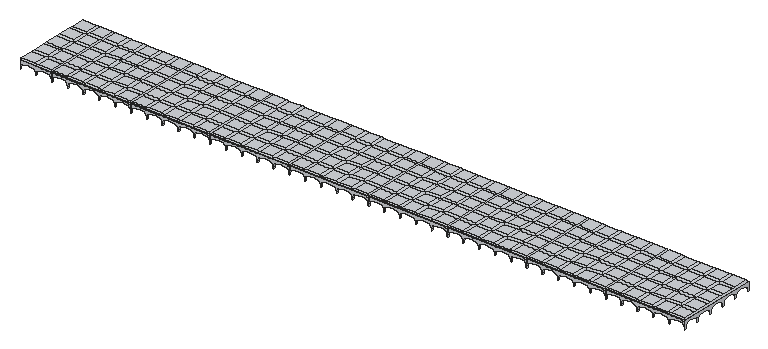
Revit family "LineaSingola_Assieme Modulblock H6", category Modelli generici, Revit 2016 (continued)
Definition of nested family "Minimodulo_H6"
  Definition of nested family "Pianta H6"
    Lines and regions (mm)
      detail lines, in view "Livello rif.", not visible
        curve 924: arc (-224.28, 222.426, 0) -> (-222.426, 222.552, 0) -> (-222.31, 224.407, 0) r 1.408
        curve 925: arc (-237.756, 150, 0) -> (-241.419, 158.652, 0) -> (-250, 162.479, 0) r 12.813
        curve 926: arc (-222.31, 175.662, 0) -> (-222.426, 177.517, 0) -> (-224.28, 177.642, 0) r 1.408
        curve 927: arc (-155.33, 186.821, 0) -> (-152.601, 199.989, 0) -> (-155.3, 213.164, 0) r 33.32
        curve 928: arc (-162.033, 250, 0) -> (-158.656, 241.215, 0) -> (-150, 237.521, 0) r 12.077
        curve 929: arc (-177.716, 224.407, 0) -> (-177.601, 222.552, 0) -> (-175.746, 222.426, 0) r 1.408
        curve 930: arc (-150, 162.479, 0) -> (-158.581, 158.652, 0) -> (-162.244, 150, 0) r 12.813
        curve 931: arc (-175.746, 177.642, 0) -> (-177.601, 177.517, 0) -> (-177.716, 175.662, 0) r 1.408
        curve 932: arc (-113.164, -244.7, 0) -> (-99.99, -247.398, 0) -> (-86.823, -244.669, 0) r 33.32
        curve 933: arc (-86.793, -156.114, 0) -> (-99.94, -153.392, 0) -> (-113.094, -156.08, 0) r 33.32
        curve 934: arc (-143.883, -186.793, 0) -> (-146.606, -199.992, 0) -> (-143.878, -213.19, 0) r 33.32
        curve 935: arc (-137.756, -250, 0) -> (-141.419, -241.348, 0) -> (-150, -237.521, 0) r 12.813
        curve 936: arc (-122.31, -224.407, 0) -> (-122.426, -222.552, 0) -> (-124.28, -222.426, 0) r 1.408
        curve 937: arc (-150, -162.479, 0) -> (-141.419, -158.652, 0) -> (-137.756, -150, 0) r 12.813
        curve 938: arc (-124.28, -177.642, 0) -> (-122.426, -177.517, 0) -> (-122.31, -175.662, 0) r 1.408
        curve 939: arc (-55.3, -213.164, 0) -> (-52.601, -199.989, 0) -> (-55.33, -186.821, 0) r 33.32
        curve 940: arc (-50, -237.521, 0) -> (-58.656, -241.215, 0) -> (-62.033, -250, 0) r 12.077
        curve 941: arc (-75.746, -222.426, 0) -> (-77.601, -222.552, 0) -> (-77.716, -224.407, 0) r 1.408
        curve 942: arc (-62.244, -150, 0) -> (-58.581, -158.652, 0) -> (-50, -162.479, 0) r 12.813
        curve 943: arc (-77.716, -175.662, 0) -> (-77.601, -177.517, 0) -> (-75.746, -177.642, 0) r 1.408
        curve 944: arc (-113.164, -144.7, 0) -> (-99.99, -147.398, 0) -> (-86.823, -144.669, 0) r 33.32
        curve 945: arc (-86.793, -56.114, 0) -> (-99.94, -53.392, 0) -> (-113.094, -56.08, 0) r 33.32
        curve 946: arc (-143.883, -86.793, 0) -> (-146.606, -99.992, 0) -> (-143.878, -113.19, 0) r 33.32
        curve 947: arc (-137.756, -150, 0) -> (-141.419, -141.348, 0) -> (-150, -137.521, 0) r 12.813
        curve 948: arc (-122.31, -124.407, 0) -> (-122.426, -122.552, 0) -> (-124.28, -122.426, 0) r 1.408
        curve 949: arc (-150, -62.479, 0) -> (-141.419, -58.652, 0) -> (-137.756, -50, 0) r 12.813
        curve 950: arc (-124.28, -77.642, 0) -> (-122.426, -77.517, 0) -> (-122.31, -75.662, 0) r 1.408
        curve 951: arc (-55.3, -113.164, 0) -> (-52.601, -99.989, 0) -> (-55.33, -86.821, 0) r 33.32
        curve 952: arc (-50, -137.521, 0) -> (-58.656, -141.215, 0) -> (-62.033, -150, 0) r 12.077
        curve 953: arc (-75.746, -122.426, 0) -> (-77.601, -122.552, 0) -> (-77.716, -124.407, 0) r 1.408
        curve 954: arc (-62.244, -50, 0) -> (-58.581, -58.652, 0) -> (-50, -62.479, 0) r 12.813
        curve 955: arc (-77.716, -75.662, 0) -> (-77.601, -77.517, 0) -> (-75.746, -77.642, 0) r 1.408
        curve 956: arc (-113.164, -44.7, 0) -> (-99.99, -47.398, 0) -> (-86.823, -44.669, 0) r 33.32
        curve 957: arc (-86.793, 43.886, 0) -> (-99.94, 46.608, 0) -> (-113.094, 43.92, 0) r 33.32
        curve 958: arc (-143.883, 13.207, 0) -> (-146.606, 0.008, 0) -> (-143.878, -13.19, 0) r 33.32
        curve 959: arc (-137.756, -50, 0) -> (-141.419, -41.348, 0) -> (-150, -37.521, 0) r 12.813
        curve 960: arc (-122.31, -24.407, 0) -> (-122.426, -22.552, 0) -> (-124.28, -22.426, 0) r 1.408
        curve 961: arc (-150, 37.521, 0) -> (-141.419, 41.348, 0) -> (-137.756, 50, 0) r 12.813
        curve 962: arc (-124.28, 22.358, 0) -> (-122.426, 22.483, 0) -> (-122.31, 24.338, 0) r 1.408
        curve 963: arc (-55.3, -13.164, 0) -> (-52.601, 0.011, 0) -> (-55.33, 13.179, 0) r 33.32
        curve 964: arc (-50, -37.521, 0) -> (-58.656, -41.215, 0) -> (-62.033, -50, 0) r 12.077
        curve 965: arc (-75.746, -22.426, 0) -> (-77.601, -22.552, 0) -> (-77.716, -24.407, 0) r 1.408
        curve 966: arc (-62.244, 50, 0) -> (-58.581, 41.348, 0) -> (-50, 37.521, 0) r 12.813
        curve 967: arc (-77.716, 24.338, 0) -> (-77.601, 22.483, 0) -> (-75.746, 22.358, 0) r 1.408
        curve 968: arc (-113.164, 55.3, 0) -> (-99.99, 52.602, 0) -> (-86.823, 55.331, 0) r 33.32
        curve 969: arc (-86.793, 143.886, 0) -> (-99.94, 146.608, 0) -> (-113.094, 143.92, 0) r 33.32
        curve 970: arc (-143.883, 113.207, 0) -> (-146.606, 100.008, 0) -> (-143.878, 86.81, 0) r 33.32
        curve 971: arc (-137.756, 50, 0) -> (-141.419, 58.652, 0) -> (-150, 62.479, 0) r 12.813
        curve 972: arc (-122.31, 75.593, 0) -> (-122.426, 77.448, 0) -> (-124.28, 77.574, 0) r 1.408
        curve 973: arc (-150, 137.521, 0) -> (-141.419, 141.348, 0) -> (-137.756, 150, 0) r 12.813
        curve 974: arc (-124.28, 122.358, 0) -> (-122.426, 122.483, 0) -> (-122.31, 124.338, 0) r 1.408
        curve 975: arc (-55.3, 86.836, 0) -> (-52.601, 100.011, 0) -> (-55.33, 113.179, 0) r 33.32
        curve 976: arc (-50, 62.479, 0) -> (-58.656, 58.785, 0) -> (-62.033, 50, 0) r 12.077
        curve 977: arc (-75.746, 77.574, 0) -> (-77.601, 77.448, 0) -> (-77.716, 75.593, 0) r 1.408
        curve 978: arc (-62.244, 150, 0) -> (-58.581, 141.348, 0) -> (-50, 137.521, 0) r 12.813
        curve 979: arc (-77.716, 124.338, 0) -> (-77.601, 122.483, 0) -> (-75.746, 122.358, 0) r 1.408
        curve 980: arc (-86.823, 244.669, 0) -> (-99.99, 247.398, 0) -> (-113.164, 244.7, 0) r 33.32
        curve 981: arc (-113.094, 156.08, 0) -> (-99.94, 153.392, 0) -> (-86.793, 156.114, 0) r 33.32
        curve 982: arc (-143.878, 213.19, 0) -> (-146.606, 199.992, 0) -> (-143.883, 186.793, 0) r 33.32
        curve 983: arc (-150, 237.521, 0) -> (-141.419, 241.348, 0) -> (-137.756, 250, 0) r 12.813
        curve 984: arc (-124.28, 222.426, 0) -> (-122.426, 222.552, 0) -> (-122.31, 224.407, 0) r 1.408
        curve 985: arc (-137.756, 150, 0) -> (-141.419, 158.652, 0) -> (-150, 162.479, 0) r 12.813
        curve 986: arc (-122.31, 175.662, 0) -> (-122.426, 177.517, 0) -> (-124.28, 177.642, 0) r 1.408
        curve 987: arc (-55.33, 186.821, 0) -> (-52.601, 199.989, 0) -> (-55.3, 213.164, 0) r 33.32
        curve 988: arc (-62.033, 250, 0) -> (-58.656, 241.215, 0) -> (-50, 237.521, 0) r 12.077
        curve 989: arc (-77.716, 224.407, 0) -> (-77.601, 222.552, 0) -> (-75.746, 222.426, 0) r 1.408
        curve 990: arc (-50, 162.479, 0) -> (-58.581, 158.652, 0) -> (-62.244, 150, 0) r 12.813
        curve 991: arc (-75.746, 177.642, 0) -> (-77.601, 177.517, 0) -> (-77.716, 175.662, 0) r 1.408
        curve 992: arc (-13.164, -244.7, 0) -> (0.01, -247.398, 0) -> (13.177, -244.669, 0) r 33.32
        curve 993: arc (13.207, -156.114, 0) -> (0.06, -153.392, 0) -> (-13.094, -156.08, 0) r 33.32
        curve 994: arc (-43.883, -186.793, 0) -> (-46.606, -199.992, 0) -> (-43.878, -213.19, 0) r 33.32
        curve 995: arc (-37.756, -250, 0) -> (-41.419, -241.348, 0) -> (-50, -237.521, 0) r 12.813
        curve 996: arc (-22.31, -224.407, 0) -> (-22.426, -222.552, 0) -> (-24.28, -222.426, 0) r 1.408
        curve 997: arc (-50, -162.479, 0) -> (-41.419, -158.652, 0) -> (-37.756, -150, 0) r 12.813
        curve 998: arc (-24.28, -177.642, 0) -> (-22.426, -177.517, 0) -> (-22.31, -175.662, 0) r 1.408
        curve 999: arc (44.7, -213.164, 0) -> (47.399, -199.989, 0) -> (44.67, -186.821, 0) r 33.32
        curve 1000: arc (50, -237.521, 0) -> (41.344, -241.215, 0) -> (37.967, -250, 0) r 12.077
        curve 1001: arc (24.254, -222.426, 0) -> (22.399, -222.552, 0) -> (22.284, -224.407, 0) r 1.408
        curve 1002: arc (37.756, -150, 0) -> (41.419, -158.652, 0) -> (50, -162.479, 0) r 12.813
        curve 1003: arc (22.284, -175.662, 0) -> (22.399, -177.517, 0) -> (24.254, -177.642, 0) r 1.408
        curve 1004: arc (-13.164, -144.7, 0) -> (0.01, -147.398, 0) -> (13.177, -144.669, 0) r 33.32
        curve 1005: arc (13.207, -56.114, 0) -> (0.06, -53.392, 0) -> (-13.094, -56.08, 0) r 33.32
        curve 1006: arc (-43.883, -86.793, 0) -> (-46.606, -99.992, 0) -> (-43.878, -113.19, 0) r 33.32
        curve 1007: arc (-37.756, -150, 0) -> (-41.419, -141.348, 0) -> (-50, -137.521, 0) r 12.813
        curve 1008: arc (-22.31, -124.407, 0) -> (-22.426, -122.552, 0) -> (-24.28, -122.426, 0) r 1.408
        curve 1009: arc (-50, -62.479, 0) -> (-41.419, -58.652, 0) -> (-37.756, -50, 0) r 12.813
        curve 1010: arc (-24.28, -77.642, 0) -> (-22.426, -77.517, 0) -> (-22.31, -75.662, 0) r 1.408
        curve 1011: arc (44.7, -113.164, 0) -> (47.399, -99.989, 0) -> (44.67, -86.821, 0) r 33.32
        curve 1012: arc (50, -137.521, 0) -> (41.344, -141.215, 0) -> (37.967, -150, 0) r 12.077
        curve 1013: arc (24.254, -122.426, 0) -> (22.399, -122.552, 0) -> (22.284, -124.407, 0) r 1.408
        curve 1014: arc (37.756, -50, 0) -> (41.419, -58.652, 0) -> (50, -62.479, 0) r 12.813
        curve 1015: arc (22.284, -75.662, 0) -> (22.399, -77.517, 0) -> (24.254, -77.642, 0) r 1.408
        curve 1016: arc (-13.164, -44.7, 0) -> (0.01, -47.398, 0) -> (13.177, -44.669, 0) r 33.32
        curve 1017: arc (13.207, 43.886, 0) -> (0.06, 46.608, 0) -> (-13.094, 43.92, 0) r 33.32
        curve 1018: arc (-43.883, 13.207, 0) -> (-46.606, 0.008, 0) -> (-43.878, -13.19, 0) r 33.32
        curve 1019: arc (-37.756, -50, 0) -> (-41.419, -41.348, 0) -> (-50, -37.521, 0) r 12.813
        curve 1020: arc (-22.31, -24.407, 0) -> (-22.426, -22.552, 0) -> (-24.28, -22.426, 0) r 1.408
        curve 1021: arc (-50, 37.521, 0) -> (-41.419, 41.348, 0) -> (-37.756, 50, 0) r 12.813
        curve 1022: arc (-24.28, 22.358, 0) -> (-22.426, 22.483, 0) -> (-22.31, 24.338, 0) r 1.408
        curve 1023: arc (44.7, -13.164, 0) -> (47.399, 0.011, 0) -> (44.67, 13.179, 0) r 33.32
        curve 1024: arc (50, -37.521, 0) -> (41.344, -41.215, 0) -> (37.967, -50, 0) r 12.077
        curve 1025: arc (24.254, -22.426, 0) -> (22.399, -22.552, 0) -> (22.284, -24.407, 0) r 1.408
        curve 1026: arc (37.756, 50, 0) -> (41.419, 41.348, 0) -> (50, 37.521, 0) r 12.813
        curve 1027: arc (22.284, 24.338, 0) -> (22.399, 22.483, 0) -> (24.254, 22.358, 0) r 1.408
        curve 1028: arc (-13.164, 55.3, 0) -> (0.01, 52.602, 0) -> (13.177, 55.331, 0) r 33.32
        curve 1029: arc (13.207, 143.886, 0) -> (0.06, 146.608, 0) -> (-13.094, 143.92, 0) r 33.32
        curve 1030: arc (-43.883, 113.207, 0) -> (-46.606, 100.008, 0) -> (-43.878, 86.81, 0) r 33.32
        curve 1031: arc (-37.756, 50, 0) -> (-41.419, 58.652, 0) -> (-50, 62.479, 0) r 12.813
        curve 1032: arc (-22.31, 75.593, 0) -> (-22.426, 77.448, 0) -> (-24.28, 77.574, 0) r 1.408
        curve 1033: arc (-50, 137.521, 0) -> (-41.419, 141.348, 0) -> (-37.756, 150, 0) r 12.813
        curve 1034: arc (-24.28, 122.358, 0) -> (-22.426, 122.483, 0) -> (-22.31, 124.338, 0) r 1.408
        curve 1035: arc (44.7, 86.836, 0) -> (47.399, 100.011, 0) -> (44.67, 113.179, 0) r 33.32
        curve 1036: arc (50, 62.479, 0) -> (41.344, 58.785, 0) -> (37.967, 50, 0) r 12.077
        curve 1037: arc (24.254, 77.574, 0) -> (22.399, 77.448, 0) -> (22.284, 75.593, 0) r 1.408
        curve 1038: arc (37.756, 150, 0) -> (41.419, 141.348, 0) -> (50, 137.521, 0) r 12.813
        curve 1039: arc (22.284, 124.338, 0) -> (22.399, 122.483, 0) -> (24.254, 122.358, 0) r 1.408
        curve 1040: arc (13.177, 244.669, 0) -> (0.01, 247.398, 0) -> (-13.164, 244.7, 0) r 33.32
        curve 1041: arc (-13.094, 156.08, 0) -> (0.06, 153.392, 0) -> (13.207, 156.114, 0) r 33.32
        curve 1042: arc (-43.878, 213.19, 0) -> (-46.606, 199.992, 0) -> (-43.883, 186.793, 0) r 33.32
        curve 1043: arc (-50, 237.521, 0) -> (-41.419, 241.348, 0) -> (-37.756, 250, 0) r 12.813
        curve 1044: arc (-24.28, 222.426, 0) -> (-22.426, 222.552, 0) -> (-22.31, 224.407, 0) r 1.408
        curve 1045: arc (-37.756, 150, 0) -> (-41.419, 158.652, 0) -> (-50, 162.479, 0) r 12.813
        curve 1046: arc (-22.31, 175.662, 0) -> (-22.426, 177.517, 0) -> (-24.28, 177.642, 0) r 1.408
        curve 1047: arc (44.67, 186.821, 0) -> (47.399, 199.989, 0) -> (44.7, 213.164, 0) r 33.32
        curve 1048: arc (37.967, 250, 0) -> (41.344, 241.215, 0) -> (50, 237.521, 0) r 12.077
        curve 1049: arc (22.284, 224.407, 0) -> (22.399, 222.552, 0) -> (24.254, 222.426, 0) r 1.408
        curve 1050: arc (50, 162.479, 0) -> (41.419, 158.652, 0) -> (37.756, 150, 0) r 12.813
        curve 1051: arc (24.254, 177.642, 0) -> (22.399, 177.517, 0) -> (22.284, 175.662, 0) r 1.408
        curve 1052: arc (86.836, -244.7, 0) -> (100.01, -247.398, 0) -> (113.177, -244.669, 0) r 33.32
        curve 1053: arc (113.207, -156.114, 0) -> (100.06, -153.392, 0) -> (86.906, -156.08, 0) r 33.32
        curve 1054: arc (56.117, -186.793, 0) -> (53.394, -199.992, 0) -> (56.122, -213.19, 0) r 33.32
        curve 1055: arc (62.244, -250, 0) -> (58.581, -241.348, 0) -> (50, -237.521, 0) r 12.813
        curve 1056: arc (77.69, -224.407, 0) -> (77.574, -222.552, 0) -> (75.72, -222.426, 0) r 1.408
        curve 1057: arc (50, -162.479, 0) -> (58.581, -158.652, 0) -> (62.244, -150, 0) r 12.813
        curve 1058: arc (75.72, -177.642, 0) -> (77.574, -177.517, 0) -> (77.69, -175.662, 0) r 1.408
        curve 1059: arc (144.7, -213.164, 0) -> (147.399, -199.989, 0) -> (144.67, -186.821, 0) r 33.32
        curve 1060: arc (150, -237.521, 0) -> (141.344, -241.215, 0) -> (137.967, -250, 0) r 12.077
        curve 1061: arc (124.254, -222.426, 0) -> (122.399, -222.552, 0) -> (122.284, -224.407, 0) r 1.408
        curve 1062: arc (137.756, -150, 0) -> (141.419, -158.652, 0) -> (150, -162.479, 0) r 12.813
        curve 1063: arc (122.284, -175.662, 0) -> (122.399, -177.517, 0) -> (124.254, -177.642, 0) r 1.408
        curve 1064: arc (86.836, -144.7, 0) -> (100.01, -147.398, 0) -> (113.177, -144.669, 0) r 33.32
        curve 1065: arc (113.207, -56.114, 0) -> (100.06, -53.392, 0) -> (86.906, -56.08, 0) r 33.32
        curve 1066: arc (56.117, -86.793, 0) -> (53.394, -99.992, 0) -> (56.122, -113.19, 0) r 33.32
        curve 1067: arc (62.244, -150, 0) -> (58.581, -141.348, 0) -> (50, -137.521, 0) r 12.813
        curve 1068: arc (77.69, -124.407, 0) -> (77.574, -122.552, 0) -> (75.72, -122.426, 0) r 1.408
        curve 1069: arc (50, -62.479, 0) -> (58.581, -58.652, 0) -> (62.244, -50, 0) r 12.813
        curve 1070: arc (75.72, -77.642, 0) -> (77.574, -77.517, 0) -> (77.69, -75.662, 0) r 1.408
        curve 1071: arc (144.7, -113.164, 0) -> (147.399, -99.989, 0) -> (144.67, -86.821, 0) r 33.32
        curve 1072: arc (150, -137.521, 0) -> (141.344, -141.215, 0) -> (137.967, -150, 0) r 12.077
        curve 1073: arc (124.254, -122.426, 0) -> (122.399, -122.552, 0) -> (122.284, -124.407, 0) r 1.408
        curve 1074: arc (137.756, -50, 0) -> (141.419, -58.652, 0) -> (150, -62.479, 0) r 12.813
        curve 1075: arc (122.284, -75.662, 0) -> (122.399, -77.517, 0) -> (124.254, -77.642, 0) r 1.408
        curve 1076: arc (86.836, -44.7, 0) -> (100.01, -47.398, 0) -> (113.177, -44.669, 0) r 33.32
        curve 1077: arc (113.207, 43.886, 0) -> (100.06, 46.608, 0) -> (86.906, 43.92, 0) r 33.32
        curve 1078: arc (56.117, 13.207, 0) -> (53.394, 0.008, 0) -> (56.122, -13.19, 0) r 33.32
        curve 1079: arc (62.244, -50, 0) -> (58.581, -41.348, 0) -> (50, -37.521, 0) r 12.813
        curve 1080: arc (77.69, -24.407, 0) -> (77.574, -22.552, 0) -> (75.72, -22.426, 0) r 1.408
        curve 1081: arc (50, 37.521, 0) -> (58.581, 41.348, 0) -> (62.244, 50, 0) r 12.813
        curve 1082: arc (75.72, 22.358, 0) -> (77.574, 22.483, 0) -> (77.69, 24.338, 0) r 1.408
        curve 1083: arc (144.7, -13.164, 0) -> (147.399, 0.011, 0) -> (144.67, 13.179, 0) r 33.32
        curve 1084: arc (150, -37.521, 0) -> (141.344, -41.215, 0) -> (137.967, -50, 0) r 12.077
        curve 1085: arc (124.254, -22.426, 0) -> (122.399, -22.552, 0) -> (122.284, -24.407, 0) r 1.408
        curve 1086: arc (137.756, 50, 0) -> (141.419, 41.348, 0) -> (150, 37.521, 0) r 12.813
        curve 1087: arc (122.284, 24.338, 0) -> (122.399, 22.483, 0) -> (124.254, 22.358, 0) r 1.408
        curve 1088: arc (86.836, 55.3, 0) -> (100.01, 52.602, 0) -> (113.177, 55.331, 0) r 33.32
        curve 1089: arc (113.207, 143.886, 0) -> (100.06, 146.608, 0) -> (86.906, 143.92, 0) r 33.32
        curve 1090: arc (56.117, 113.207, 0) -> (53.394, 100.008, 0) -> (56.122, 86.81, 0) r 33.32
        curve 1091: arc (62.244, 50, 0) -> (58.581, 58.652, 0) -> (50, 62.479, 0) r 12.813
        curve 1092: arc (77.69, 75.593, 0) -> (77.574, 77.448, 0) -> (75.72, 77.574, 0) r 1.408
        curve 1093: arc (50, 137.521, 0) -> (58.581, 141.348, 0) -> (62.244, 150, 0) r 12.813
        curve 1094: arc (75.72, 122.358, 0) -> (77.574, 122.483, 0) -> (77.69, 124.338, 0) r 1.408
        curve 1095: arc (144.7, 86.836, 0) -> (147.399, 100.011, 0) -> (144.67, 113.179, 0) r 33.32
        curve 1096: arc (150, 62.479, 0) -> (141.344, 58.785, 0) -> (137.967, 50, 0) r 12.077
        curve 1097: arc (124.254, 77.574, 0) -> (122.399, 77.448, 0) -> (122.284, 75.593, 0) r 1.408
        curve 1098: arc (137.756, 150, 0) -> (141.419, 141.348, 0) -> (150, 137.521, 0) r 12.813
        curve 1099: arc (122.284, 124.338, 0) -> (122.399, 122.483, 0) -> (124.254, 122.358, 0) r 1.408
        curve 1100: arc (113.177, 244.669, 0) -> (100.01, 247.398, 0) -> (86.836, 244.7, 0) r 33.32
        curve 1101: arc (86.906, 156.08, 0) -> (100.06, 153.392, 0) -> (113.207, 156.114, 0) r 33.32
        curve 1102: arc (56.122, 213.19, 0) -> (53.394, 199.992, 0) -> (56.117, 186.793, 0) r 33.32
        curve 1103: arc (50, 237.521, 0) -> (58.581, 241.348, 0) -> (62.244, 250, 0) r 12.813
        curve 1104: arc (75.72, 222.426, 0) -> (77.574, 222.552, 0) -> (77.69, 224.407, 0) r 1.408
        curve 1105: arc (62.244, 150, 0) -> (58.581, 158.652, 0) -> (50, 162.479, 0) r 12.813
        curve 1106: arc (77.69, 175.662, 0) -> (77.574, 177.517, 0) -> (75.72, 177.642, 0) r 1.408
        curve 1107: arc (144.67, 186.821, 0) -> (147.399, 199.989, 0) -> (144.7, 213.164, 0) r 33.32
        curve 1108: arc (137.967, 250, 0) -> (141.344, 241.215, 0) -> (150, 237.521, 0) r 12.077
        curve 1109: arc (122.284, 224.407, 0) -> (122.399, 222.552, 0) -> (124.254, 222.426, 0) r 1.408
        curve 1110: arc (150, 162.479, 0) -> (141.419, 158.652, 0) -> (137.756, 150, 0) r 12.813
        curve 1111: arc (124.254, 177.642, 0) -> (122.399, 177.517, 0) -> (122.284, 175.662, 0) r 1.408
        curve 1112: arc (186.823, -244.669, 0) -> (199.99, -247.398, 0) -> (213.164, -244.7, 0) r 33.32
        curve 1113: arc (213.094, -156.08, 0) -> (199.94, -153.392, 0) -> (186.793, -156.114, 0) r 33.32
        curve 1114: arc (243.878, -213.19, 0) -> (246.606, -199.992, 0) -> (243.883, -186.793, 0) r 33.32
        curve 1115: arc (250, -237.521, 0) -> (241.419, -241.348, 0) -> (237.756, -250, 0) r 12.813
        curve 1116: arc (224.28, -222.426, 0) -> (222.426, -222.552, 0) -> (222.31, -224.407, 0) r 1.408
        curve 1117: arc (237.756, -150, 0) -> (241.419, -158.652, 0) -> (250, -162.479, 0) r 12.813
        curve 1118: arc (222.31, -175.662, 0) -> (222.426, -177.517, 0) -> (224.28, -177.642, 0) r 1.408
        curve 1119: arc (155.33, -186.821, 0) -> (152.601, -199.989, 0) -> (155.3, -213.164, 0) r 33.32
        curve 1120: arc (162.033, -250, 0) -> (158.656, -241.215, 0) -> (150, -237.521, 0) r 12.077
        curve 1121: arc (177.716, -224.407, 0) -> (177.601, -222.552, 0) -> (175.746, -222.426, 0) r 1.408
        curve 1122: arc (150, -162.479, 0) -> (158.581, -158.652, 0) -> (162.244, -150, 0) r 12.813
        curve 1123: arc (175.746, -177.642, 0) -> (177.601, -177.517, 0) -> (177.716, -175.662, 0) r 1.408
        curve 1124: arc (186.823, -144.669, 0) -> (199.99, -147.398, 0) -> (213.164, -144.7, 0) r 33.32
        curve 1125: arc (213.094, -56.08, 0) -> (199.94, -53.392, 0) -> (186.793, -56.114, 0) r 33.32
        curve 1126: arc (243.878, -113.19, 0) -> (246.606, -99.992, 0) -> (243.883, -86.793, 0) r 33.32
        curve 1127: arc (250, -137.521, 0) -> (241.419, -141.348, 0) -> (237.756, -150, 0) r 12.813
        curve 1128: arc (224.28, -122.426, 0) -> (222.426, -122.552, 0) -> (222.31, -124.407, 0) r 1.408
        curve 1129: arc (237.756, -50, 0) -> (241.419, -58.652, 0) -> (250, -62.479, 0) r 12.813
        curve 1130: arc (222.31, -75.662, 0) -> (222.426, -77.517, 0) -> (224.28, -77.642, 0) r 1.408
        curve 1131: arc (155.33, -86.821, 0) -> (152.601, -99.989, 0) -> (155.3, -113.164, 0) r 33.32
        curve 1132: arc (162.033, -150, 0) -> (158.656, -141.215, 0) -> (150, -137.521, 0) r 12.077
        curve 1133: arc (177.716, -124.407, 0) -> (177.601, -122.552, 0) -> (175.746, -122.426, 0) r 1.408
        curve 1134: arc (150, -62.479, 0) -> (158.581, -58.652, 0) -> (162.244, -50, 0) r 12.813
        curve 1135: arc (175.746, -77.642, 0) -> (177.601, -77.517, 0) -> (177.716, -75.662, 0) r 1.408
        curve 1136: arc (186.823, -44.669, 0) -> (199.99, -47.398, 0) -> (213.164, -44.7, 0) r 33.32
        curve 1137: arc (213.094, 43.92, 0) -> (199.94, 46.608, 0) -> (186.793, 43.886, 0) r 33.32
        curve 1138: arc (243.878, -13.19, 0) -> (246.606, 0.008, 0) -> (243.883, 13.207, 0) r 33.32
        curve 1139: arc (250, -37.521, 0) -> (241.419, -41.348, 0) -> (237.756, -50, 0) r 12.813
        curve 1140: arc (224.28, -22.426, 0) -> (222.426, -22.552, 0) -> (222.31, -24.407, 0) r 1.408
        curve 1141: arc (237.756, 50, 0) -> (241.419, 41.348, 0) -> (250, 37.521, 0) r 12.813
        curve 1142: arc (222.31, 24.338, 0) -> (222.426, 22.483, 0) -> (224.28, 22.358, 0) r 1.408
        curve 1143: arc (155.33, 13.179, 0) -> (152.601, 0.011, 0) -> (155.3, -13.164, 0) r 33.32
        curve 1144: arc (162.033, -50, 0) -> (158.656, -41.215, 0) -> (150, -37.521, 0) r 12.077
        curve 1145: arc (177.716, -24.407, 0) -> (177.601, -22.552, 0) -> (175.746, -22.426, 0) r 1.408
        curve 1146: arc (150, 37.521, 0) -> (158.581, 41.348, 0) -> (162.244, 50, 0) r 12.813
        curve 1147: arc (175.746, 22.358, 0) -> (177.601, 22.483, 0) -> (177.716, 24.338, 0) r 1.408
        curve 1148: arc (186.823, 55.331, 0) -> (199.99, 52.602, 0) -> (213.164, 55.3, 0) r 33.32
        curve 1149: arc (213.094, 143.92, 0) -> (199.94, 146.608, 0) -> (186.793, 143.886, 0) r 33.32
        curve 1150: arc (243.878, 86.81, 0) -> (246.606, 100.008, 0) -> (243.883, 113.207, 0) r 33.32
        curve 1151: arc (250, 62.479, 0) -> (241.419, 58.652, 0) -> (237.756, 50, 0) r 12.813
        curve 1152: arc (224.28, 77.574, 0) -> (222.426, 77.448, 0) -> (222.31, 75.593, 0) r 1.408
        curve 1153: arc (237.756, 150, 0) -> (241.419, 141.348, 0) -> (250, 137.521, 0) r 12.813
        curve 1154: arc (222.31, 124.338, 0) -> (222.426, 122.483, 0) -> (224.28, 122.358, 0) r 1.408
        curve 1155: arc (155.33, 113.179, 0) -> (152.601, 100.011, 0) -> (155.3, 86.836, 0) r 33.32
        curve 1156: arc (162.033, 50, 0) -> (158.656, 58.785, 0) -> (150, 62.479, 0) r 12.077
        curve 1157: arc (177.716, 75.593, 0) -> (177.601, 77.448, 0) -> (175.746, 77.574, 0) r 1.408
        curve 1158: arc (150, 137.521, 0) -> (158.581, 141.348, 0) -> (162.244, 150, 0) r 12.813
        curve 1159: arc (175.746, 122.358, 0) -> (177.601, 122.483, 0) -> (177.716, 124.338, 0) r 1.408
        curve 1160: arc (213.164, 244.7, 0) -> (199.99, 247.398, 0) -> (186.823, 244.669, 0) r 33.32
        curve 1161: arc (186.793, 156.114, 0) -> (199.94, 153.392, 0) -> (213.094, 156.08, 0) r 33.32
        curve 1162: arc (243.883, 186.793, 0) -> (246.606, 199.992, 0) -> (243.878, 213.19, 0) r 33.32
        curve 1163: arc (237.756, 250, 0) -> (241.419, 241.348, 0) -> (250, 237.521, 0) r 12.813
        curve 1164: arc (222.31, 224.407, 0) -> (222.426, 222.552, 0) -> (224.28, 222.426, 0) r 1.408
        curve 1165: arc (250, 162.479, 0) -> (241.419, 158.652, 0) -> (237.756, 150, 0) r 12.813
        curve 1166: arc (224.28, 177.642, 0) -> (222.426, 177.517, 0) -> (222.31, 175.662, 0) r 1.408
        curve 1167: arc (155.3, 213.164, 0) -> (152.601, 199.989, 0) -> (155.33, 186.821, 0) r 33.32
        curve 1168: arc (150, 237.521, 0) -> (158.656, 241.215, 0) -> (162.033, 250, 0) r 12.077
        curve 1169: arc (175.746, 222.426, 0) -> (177.601, 222.552, 0) -> (177.716, 224.407, 0) r 1.408
        curve 1170: arc (162.244, 150, 0) -> (158.581, 158.652, 0) -> (150, 162.479, 0) r 12.813
        curve 1171: arc (177.716, 175.662, 0) -> (177.601, 177.517, 0) -> (175.746, 177.642, 0) r 1.408
        curve 1172: line (-222.31, -224.407, 0) -> (-238.671, -245.558, 0)
        curve 1173: line (-245.406, -238.593, 0) -> (-224.28, -222.426, 0)
        curve 1174: line (-213.164, -244.7, 0) -> (-213.164, -213.19, 0)
        curve 1175: line (-213.164, -213.19, 0) -> (-243.878, -213.19, 0)
        curve 1176: line (-250, -237.521, 0) -> (-252.784, -239.838, 0)
        curve 1177: line (-252.784, -239.838, 0) -> (-252.784, -160.162, 0)
        curve 1178: line (-252.784, -160.162, 0) -> (-250, -162.479, 0)
        curve 1179: line (-250, -162.479, 0) -> (-250, -150, 0)
        curve 1180: line (-250, -150, 0) -> (-250, -137.521, 0)
        curve 1181: line (-250, -137.521, 0) -> (-252.784, -139.838, 0)
        curve 1182: line (-243.883, -186.793, 0) -> (-213.094, -186.793, 0)
        curve 1183: line (-213.094, -186.793, 0) -> (-213.094, -156.08, 0)
        curve 1184: line (-222.31, -175.662, 0) -> (-238.689, -154.487, 0)
        curve 1185: line (-245.463, -161.432, 0) -> (-224.28, -177.642, 0)
        curve 1186: line (-237.756, -250, 0) -> (-239.838, -252.205, 0)
        curve 1187: line (-239.838, -252.205, 0) -> (-160.162, -252.205, 0)
        curve 1188: line (-160.162, -252.205, 0) -> (-162.033, -250, 0)
        curve 1189: line (-162.033, -250, 0) -> (-150, -250, 0)
        curve 1190: line (-177.716, -224.407, 0) -> (-161.347, -245.569, 0)
        curve 1191: line (-154.736, -238.505, 0) -> (-175.746, -222.426, 0)
        curve 1192: line (-155.3, -213.164, 0) -> (-186.823, -213.164, 0)
        curve 1193: line (-186.823, -213.164, 0) -> (-186.823, -244.669, 0)
        curve 1194: line (-150, -237.521, 0) -> (-150, -162.479, 0)
        curve 1195: line (-177.716, -175.662, 0) -> (-161.32, -154.465, 0)
        curve 1196: line (-154.554, -161.425, 0) -> (-175.746, -177.642, 0)
        curve 1197: line (-186.793, -156.114, 0) -> (-186.793, -186.821, 0)
        curve 1198: line (-186.793, -186.821, 0) -> (-155.33, -186.821, 0)
        curve 1199: line (-162.244, -150, 0) -> (-237.756, -150, 0)
        curve 1200: line (-252.784, -139.838, 0) -> (-252.784, -60.162, 0)
        curve 1201: line (-252.784, -60.162, 0) -> (-250, -62.479, 0)
        curve 1202: line (-250, -62.479, 0) -> (-250, -50, 0)
        curve 1203: line (-250, -50, 0) -> (-250, -37.521, 0)
        curve 1204: line (-250, -37.521, 0) -> (-252.784, -39.838, 0)
        curve 1205: line (-252.784, -39.838, 0) -> (-252.784, 39.838, 0)
        curve 1206: line (-222.31, -124.407, 0) -> (-238.671, -145.558, 0)
        curve 1207: line (-245.406, -138.593, 0) -> (-224.28, -122.426, 0)
        curve 1208: line (-213.164, -144.7, 0) -> (-213.164, -113.19, 0)
        curve 1209: line (-213.164, -113.19, 0) -> (-243.878, -113.19, 0)
        curve 1210: line (-243.883, -86.793, 0) -> (-213.094, -86.793, 0)
        curve 1211: line (-213.094, -86.793, 0) -> (-213.094, -56.08, 0)
        curve 1212: line (-222.31, -75.662, 0) -> (-238.689, -54.487, 0)
        curve 1213: line (-245.463, -61.432, 0) -> (-224.28, -77.642, 0)
        curve 1214: line (-177.716, -124.407, 0) -> (-161.347, -145.569, 0)
        curve 1215: line (-154.736, -138.505, 0) -> (-175.746, -122.426, 0)
        curve 1216: line (-155.3, -113.164, 0) -> (-186.823, -113.164, 0)
        curve 1217: line (-186.823, -113.164, 0) -> (-186.823, -144.669, 0)
        curve 1218: line (-150, -137.521, 0) -> (-150, -62.479, 0)
        curve 1219: line (-177.716, -75.662, 0) -> (-161.32, -54.465, 0)
        curve 1220: line (-154.554, -61.425, 0) -> (-175.746, -77.642, 0)
        curve 1221: line (-186.793, -56.114, 0) -> (-186.793, -86.821, 0)
        curve 1222: line (-186.793, -86.821, 0) -> (-155.33, -86.821, 0)
        curve 1223: line (-237.756, -50, 0) -> (-162.244, -50, 0)
        curve 1224: line (-162.244, -50, 0) -> (-237.756, -50, 0)
        curve 1225: line (-222.31, -24.407, 0) -> (-238.671, -45.558, 0)
        curve 1226: line (-245.406, -38.593, 0) -> (-224.28, -22.426, 0)
        curve 1227: line (-213.164, -44.7, 0) -> (-213.164, -13.19, 0)
        curve 1228: line (-213.164, -13.19, 0) -> (-243.878, -13.19, 0)
        curve 1229: line (-252.784, 39.838, 0) -> (-250, 37.521, 0)
        curve 1230: line (-250, 37.521, 0) -> (-250, 50, 0)
        curve 1231: line (-250, 50, 0) -> (-250, 62.479, 0)
        curve 1232: line (-250, 62.479, 0) -> (-252.784, 60.162, 0)
        curve 1233: line (-243.883, 13.207, 0) -> (-213.094, 13.207, 0)
        curve 1234: line (-213.094, 13.207, 0) -> (-213.094, 43.92, 0)
        curve 1235: line (-222.31, 24.338, 0) -> (-238.689, 45.513, 0)
        curve 1236: line (-245.463, 38.568, 0) -> (-224.28, 22.358, 0)
        curve 1237: line (-177.716, -24.407, 0) -> (-161.347, -45.569, 0)
        curve 1238: line (-154.736, -38.505, 0) -> (-175.746, -22.426, 0)
        curve 1239: line (-155.3, -13.164, 0) -> (-186.823, -13.164, 0)
        curve 1240: line (-186.823, -13.164, 0) -> (-186.823, -44.669, 0)
        curve 1241: line (-150, -37.521, 0) -> (-150, 37.521, 0)
        curve 1242: line (-177.716, 24.338, 0) -> (-161.32, 45.535, 0)
        curve 1243: line (-154.554, 38.575, 0) -> (-175.746, 22.358, 0)
        curve 1244: line (-186.793, 43.886, 0) -> (-186.793, 13.179, 0)
        curve 1245: line (-186.793, 13.179, 0) -> (-155.33, 13.179, 0)
        curve 1246: line (-237.756, 50, 0) -> (-162.244, 50, 0)
        curve 1247: line (-162.244, 50, 0) -> (-237.756, 50, 0)
        curve 1248: line (-252.784, 60.162, 0) -> (-252.784, 139.838, 0)
        curve 1249: line (-252.784, 139.838, 0) -> (-250, 137.521, 0)
        curve 1250: line (-250, 137.521, 0) -> (-250, 150, 0)
        curve 1251: line (-250, 150, 0) -> (-250, 162.479, 0)
        curve 1252: line (-250, 162.479, 0) -> (-252.784, 160.162, 0)
        curve 1253: line (-252.784, 160.162, 0) -> (-252.784, 239.838, 0)
        curve 1254: line (-252.784, 239.838, 0) -> (-250, 237.521, 0)
        curve 1255: line (-222.31, 75.593, 0) -> (-238.671, 54.442, 0)
        curve 1256: line (-245.406, 61.407, 0) -> (-224.28, 77.574, 0)
        curve 1257: line (-213.164, 55.3, 0) -> (-213.164, 86.81, 0)
        curve 1258: line (-213.164, 86.81, 0) -> (-243.878, 86.81, 0)
        curve 1259: line (-243.883, 113.207, 0) -> (-213.094, 113.207, 0)
        curve 1260: line (-213.094, 113.207, 0) -> (-213.094, 143.92, 0)
        curve 1261: line (-222.31, 124.338, 0) -> (-238.689, 145.513, 0)
        curve 1262: line (-245.463, 138.568, 0) -> (-224.28, 122.358, 0)
        curve 1263: line (-177.716, 75.593, 0) -> (-161.347, 54.431, 0)
        curve 1264: line (-154.736, 61.495, 0) -> (-175.746, 77.574, 0)
        curve 1265: line (-155.3, 86.836, 0) -> (-186.823, 86.836, 0)
        curve 1266: line (-186.823, 86.836, 0) -> (-186.823, 55.331, 0)
        curve 1267: line (-150, 62.479, 0) -> (-150, 137.521, 0)
        curve 1268: line (-177.716, 124.338, 0) -> (-161.32, 145.535, 0)
        curve 1269: line (-154.554, 138.575, 0) -> (-175.746, 122.358, 0)
        curve 1270: line (-186.793, 143.886, 0) -> (-186.793, 113.179, 0)
        curve 1271: line (-186.793, 113.179, 0) -> (-155.33, 113.179, 0)
        curve 1272: line (-237.756, 150, 0) -> (-162.244, 150, 0)
        curve 1273: line (-162.244, 150, 0) -> (-237.756, 150, 0)
        curve 1274: line (-222.31, 224.407, 0) -> (-238.671, 245.558, 0)
        curve 1275: line (-245.406, 238.593, 0) -> (-224.28, 222.426, 0)
        curve 1276: line (-213.164, 244.7, 0) -> (-213.164, 213.19, 0)
        curve 1277: line (-213.164, 213.19, 0) -> (-243.878, 213.19, 0)
        curve 1278: line (-243.883, 186.793, 0) -> (-213.094, 186.793, 0)
        curve 1279: line (-213.094, 186.793, 0) -> (-213.094, 156.08, 0)
        curve 1280: line (-222.31, 175.662, 0) -> (-238.689, 154.487, 0)
        curve 1281: line (-245.463, 161.432, 0) -> (-224.28, 177.642, 0)
        curve 1282: line (-237.756, 250, 0) -> (-239.838, 252.205, 0)
        curve 1283: line (-239.838, 252.205, 0) -> (-160.162, 252.205, 0)
        curve 1284: line (-160.162, 252.205, 0) -> (-162.033, 250, 0)
        curve 1285: line (-162.033, 250, 0) -> (-150, 250, 0)
        curve 1286: line (-177.716, 224.407, 0) -> (-161.347, 245.569, 0)
        curve 1287: line (-154.736, 238.505, 0) -> (-175.746, 222.426, 0)
        curve 1288: line (-155.3, 213.164, 0) -> (-186.823, 213.164, 0)
        curve 1289: line (-186.823, 213.164, 0) -> (-186.823, 244.669, 0)
        curve 1290: line (-150, 237.521, 0) -> (-150, 162.479, 0)
        curve 1291: line (-177.716, 175.662, 0) -> (-161.32, 154.465, 0)
        curve 1292: line (-154.554, 161.425, 0) -> (-175.746, 177.642, 0)
        curve 1293: line (-186.793, 156.114, 0) -> (-186.793, 186.821, 0)
        curve 1294: line (-186.793, 186.821, 0) -> (-155.33, 186.821, 0)
        curve 1295: line (-122.31, -224.407, 0) -> (-138.671, -245.558, 0)
        curve 1296: line (-145.406, -238.593, 0) -> (-124.28, -222.426, 0)
        curve 1297: line (-113.164, -244.7, 0) -> (-113.164, -213.19, 0)
        curve 1298: line (-113.164, -213.19, 0) -> (-143.878, -213.19, 0)
        curve 1299: line (-143.883, -186.793, 0) -> (-113.094, -186.793, 0)
        curve 1300: line (-113.094, -186.793, 0) -> (-113.094, -156.08, 0)
        curve 1301: line (-122.31, -175.662, 0) -> (-138.689, -154.487, 0)
        curve 1302: line (-145.463, -161.432, 0) -> (-124.28, -177.642, 0)
        curve 1303: line (-150, -250, 0) -> (-137.756, -250, 0)
        curve 1304: line (-137.756, -250, 0) -> (-139.838, -252.205, 0)
        curve 1305: line (-139.838, -252.205, 0) -> (-60.162, -252.205, 0)
        curve 1306: line (-60.162, -252.205, 0) -> (-62.033, -250, 0)
        curve 1307: line (-62.033, -250, 0) -> (-50, -250, 0)
        curve 1308: line (-77.716, -224.407, 0) -> (-61.347, -245.569, 0)
        curve 1309: line (-54.736, -238.505, 0) -> (-75.746, -222.426, 0)
        curve 1310: line (-55.3, -213.164, 0) -> (-86.823, -213.164, 0)
        curve 1311: line (-86.823, -213.164, 0) -> (-86.823, -244.669, 0)
        curve 1312: line (-50, -237.521, 0) -> (-50, -162.479, 0)
        curve 1313: line (-77.716, -175.662, 0) -> (-61.32, -154.465, 0)
        curve 1314: line (-54.554, -161.425, 0) -> (-75.746, -177.642, 0)
        curve 1315: line (-86.793, -156.114, 0) -> (-86.793, -186.821, 0)
        curve 1316: line (-86.793, -186.821, 0) -> (-55.33, -186.821, 0)
        curve 1317: line (-62.244, -150, 0) -> (-137.756, -150, 0)
        curve 1318: line (-122.31, -124.407, 0) -> (-138.671, -145.558, 0)
        curve 1319: line (-145.406, -138.593, 0) -> (-124.28, -122.426, 0)
        curve 1320: line (-113.164, -144.7, 0) -> (-113.164, -113.19, 0)
        curve 1321: line (-113.164, -113.19, 0) -> (-143.878, -113.19, 0)
        curve 1322: line (-143.883, -86.793, 0) -> (-113.094, -86.793, 0)
        curve 1323: line (-113.094, -86.793, 0) -> (-113.094, -56.08, 0)
        curve 1324: line (-122.31, -75.662, 0) -> (-138.689, -54.487, 0)
        curve 1325: line (-145.463, -61.432, 0) -> (-124.28, -77.642, 0)
        curve 1326: line (-77.716, -124.407, 0) -> (-61.347, -145.569, 0)
        curve 1327: line (-54.736, -138.505, 0) -> (-75.746, -122.426, 0)
        curve 1328: line (-55.3, -113.164, 0) -> (-86.823, -113.164, 0)
        curve 1329: line (-86.823, -113.164, 0) -> (-86.823, -144.669, 0)
        curve 1330: line (-50, -137.521, 0) -> (-50, -62.479, 0)
        curve 1331: line (-77.716, -75.662, 0) -> (-61.32, -54.465, 0)
        curve 1332: line (-54.554, -61.425, 0) -> (-75.746, -77.642, 0)
        curve 1333: line (-86.793, -56.114, 0) -> (-86.793, -86.821, 0)
        curve 1334: line (-86.793, -86.821, 0) -> (-55.33, -86.821, 0)
        curve 1335: line (-137.756, -50, 0) -> (-62.244, -50, 0)
        curve 1336: line (-62.244, -50, 0) -> (-137.756, -50, 0)
        curve 1337: line (-122.31, -24.407, 0) -> (-138.671, -45.558, 0)
        curve 1338: line (-145.406, -38.593, 0) -> (-124.28, -22.426, 0)
        curve 1339: line (-113.164, -44.7, 0) -> (-113.164, -13.19, 0)
        curve 1340: line (-113.164, -13.19, 0) -> (-143.878, -13.19, 0)
        curve 1341: line (-143.883, 13.207, 0) -> (-113.094, 13.207, 0)
        curve 1342: line (-113.094, 13.207, 0) -> (-113.094, 43.92, 0)
        curve 1343: line (-122.31, 24.338, 0) -> (-138.689, 45.513, 0)
        curve 1344: line (-145.463, 38.568, 0) -> (-124.28, 22.358, 0)
        curve 1345: line (-77.716, -24.407, 0) -> (-61.347, -45.569, 0)
        curve 1346: line (-54.736, -38.505, 0) -> (-75.746, -22.426, 0)
        curve 1347: line (-55.3, -13.164, 0) -> (-86.823, -13.164, 0)
        curve 1348: line (-86.823, -13.164, 0) -> (-86.823, -44.669, 0)
        curve 1349: line (-50, -37.521, 0) -> (-50, 37.521, 0)
        curve 1350: line (-77.716, 24.338, 0) -> (-61.32, 45.535, 0)
        curve 1351: line (-54.554, 38.575, 0) -> (-75.746, 22.358, 0)
        curve 1352: line (-86.793, 43.886, 0) -> (-86.793, 13.179, 0)
        curve 1353: line (-86.793, 13.179, 0) -> (-55.33, 13.179, 0)
        curve 1354: line (-137.756, 50, 0) -> (-62.244, 50, 0)
        curve 1355: line (-62.244, 50, 0) -> (-137.756, 50, 0)
        curve 1356: line (-122.31, 75.593, 0) -> (-138.671, 54.442, 0)
        curve 1357: line (-145.406, 61.407, 0) -> (-124.28, 77.574, 0)
        curve 1358: line (-113.164, 55.3, 0) -> (-113.164, 86.81, 0)
        curve 1359: line (-113.164, 86.81, 0) -> (-143.878, 86.81, 0)
        curve 1360: line (-143.883, 113.207, 0) -> (-113.094, 113.207, 0)
        curve 1361: line (-113.094, 113.207, 0) -> (-113.094, 143.92, 0)
        curve 1362: line (-122.31, 124.338, 0) -> (-138.689, 145.513, 0)
        curve 1363: line (-145.463, 138.568, 0) -> (-124.28, 122.358, 0)
        curve 1364: line (-77.716, 75.593, 0) -> (-61.347, 54.431, 0)
        curve 1365: line (-54.736, 61.495, 0) -> (-75.746, 77.574, 0)
        curve 1366: line (-55.3, 86.836, 0) -> (-86.823, 86.836, 0)
        curve 1367: line (-86.823, 86.836, 0) -> (-86.823, 55.331, 0)
        curve 1368: line (-50, 62.479, 0) -> (-50, 137.521, 0)
        curve 1369: line (-77.716, 124.338, 0) -> (-61.32, 145.535, 0)
        curve 1370: line (-54.554, 138.575, 0) -> (-75.746, 122.358, 0)
        curve 1371: line (-86.793, 143.886, 0) -> (-86.793, 113.179, 0)
        curve 1372: line (-86.793, 113.179, 0) -> (-55.33, 113.179, 0)
        curve 1373: line (-137.756, 150, 0) -> (-62.244, 150, 0)
        curve 1374: line (-62.244, 150, 0) -> (-137.756, 150, 0)
        curve 1375: line (-122.31, 224.407, 0) -> (-138.671, 245.558, 0)
        curve 1376: line (-145.406, 238.593, 0) -> (-124.28, 222.426, 0)
        curve 1377: line (-113.164, 244.7, 0) -> (-113.164, 213.19, 0)
        curve 1378: line (-113.164, 213.19, 0) -> (-143.878, 213.19, 0)
        curve 1379: line (-143.883, 186.793, 0) -> (-113.094, 186.793, 0)
        curve 1380: line (-113.094, 186.793, 0) -> (-113.094, 156.08, 0)
        curve 1381: line (-122.31, 175.662, 0) -> (-138.689, 154.487, 0)
        curve 1382: line (-145.463, 161.432, 0) -> (-124.28, 177.642, 0)
        curve 1383: line (-150, 250, 0) -> (-137.756, 250, 0)
        curve 1384: line (-137.756, 250, 0) -> (-139.838, 252.205, 0)
        curve 1385: line (-139.838, 252.205, 0) -> (-60.162, 252.205, 0)
        curve 1386: line (-60.162, 252.205, 0) -> (-62.033, 250, 0)
        curve 1387: line (-62.033, 250, 0) -> (-50, 250, 0)
        curve 1388: line (-77.716, 224.407, 0) -> (-61.347, 245.569, 0)
        curve 1389: line (-54.736, 238.505, 0) -> (-75.746, 222.426, 0)
        curve 1390: line (-55.3, 213.164, 0) -> (-86.823, 213.164, 0)
        curve 1391: line (-86.823, 213.164, 0) -> (-86.823, 244.669, 0)
        curve 1392: line (-50, 237.521, 0) -> (-50, 162.479, 0)
        curve 1393: line (-77.716, 175.662, 0) -> (-61.32, 154.465, 0)
        curve 1394: line (-54.554, 161.425, 0) -> (-75.746, 177.642, 0)
        curve 1395: line (-86.793, 156.114, 0) -> (-86.793, 186.821, 0)
        curve 1396: line (-86.793, 186.821, 0) -> (-55.33, 186.821, 0)
        curve 1397: line (-22.31, -224.407, 0) -> (-38.671, -245.558, 0)
        curve 1398: line (-45.406, -238.593, 0) -> (-24.28, -222.426, 0)
        curve 1399: line (-13.164, -244.7, 0) -> (-13.164, -213.19, 0)
        curve 1400: line (-13.164, -213.19, 0) -> (-43.878, -213.19, 0)
        curve 1401: line (-43.883, -186.793, 0) -> (-13.094, -186.793, 0)
        curve 1402: line (-13.094, -186.793, 0) -> (-13.094, -156.08, 0)
        curve 1403: line (-22.31, -175.662, 0) -> (-38.689, -154.487, 0)
        curve 1404: line (-45.463, -161.432, 0) -> (-24.28, -177.642, 0)
        curve 1405: line (-50, -250, 0) -> (-37.756, -250, 0)
        curve 1406: line (-37.756, -250, 0) -> (-39.838, -252.205, 0)
        curve 1407: line (-39.838, -252.205, 0) -> (39.838, -252.205, 0)
        curve 1408: line (39.838, -252.205, 0) -> (37.967, -250, 0)
        curve 1409: line (37.967, -250, 0) -> (50, -250, 0)
        curve 1410: line (22.284, -224.407, 0) -> (38.653, -245.569, 0)
        curve 1411: line (45.264, -238.505, 0) -> (24.254, -222.426, 0)
        curve 1412: line (44.7, -213.164, 0) -> (13.177, -213.164, 0)
        curve 1413: line (13.177, -213.164, 0) -> (13.177, -244.669, 0)
        curve 1414: line (50, -237.521, 0) -> (50, -162.479, 0)
        curve 1415: line (22.284, -175.662, 0) -> (38.68, -154.465, 0)
        curve 1416: line (45.446, -161.425, 0) -> (24.254, -177.642, 0)
        curve 1417: line (13.207, -156.114, 0) -> (13.207, -186.821, 0)
        curve 1418: line (13.207, -186.821, 0) -> (44.67, -186.821, 0)
        curve 1419: line (37.756, -150, 0) -> (-37.756, -150, 0)
        curve 1420: line (-22.31, -124.407, 0) -> (-38.671, -145.558, 0)
        curve 1421: line (-45.406, -138.593, 0) -> (-24.28, -122.426, 0)
        curve 1422: line (-13.164, -144.7, 0) -> (-13.164, -113.19, 0)
        curve 1423: line (-13.164, -113.19, 0) -> (-43.878, -113.19, 0)
        curve 1424: line (-43.883, -86.793, 0) -> (-13.094, -86.793, 0)
        curve 1425: line (-13.094, -86.793, 0) -> (-13.094, -56.08, 0)
        curve 1426: line (-22.31, -75.662, 0) -> (-38.689, -54.487, 0)
        curve 1427: line (-45.463, -61.432, 0) -> (-24.28, -77.642, 0)
        curve 1428: line (22.284, -124.407, 0) -> (38.653, -145.569, 0)
        curve 1429: line (45.264, -138.505, 0) -> (24.254, -122.426, 0)
        curve 1430: line (44.7, -113.164, 0) -> (13.177, -113.164, 0)
        curve 1431: line (13.177, -113.164, 0) -> (13.177, -144.669, 0)
        curve 1432: line (50, -137.521, 0) -> (50, -62.479, 0)
        curve 1433: line (22.284, -75.662, 0) -> (38.68, -54.465, 0)
        curve 1434: line (45.446, -61.425, 0) -> (24.254, -77.642, 0)
        curve 1435: line (13.207, -56.114, 0) -> (13.207, -86.821, 0)
        curve 1436: line (13.207, -86.821, 0) -> (44.67, -86.821, 0)
        curve 1437: line (-37.756, -50, 0) -> (37.756, -50, 0)
        curve 1438: line (37.756, -50, 0) -> (-37.756, -50, 0)
        curve 1439: line (-22.31, -24.407, 0) -> (-38.671, -45.558, 0)
        curve 1440: line (-45.406, -38.593, 0) -> (-24.28, -22.426, 0)
        curve 1441: line (-13.164, -44.7, 0) -> (-13.164, -13.19, 0)
        curve 1442: line (-13.164, -13.19, 0) -> (-43.878, -13.19, 0)
        curve 1443: line (-43.883, 13.207, 0) -> (-13.094, 13.207, 0)
        curve 1444: line (-13.094, 13.207, 0) -> (-13.094, 43.92, 0)
        curve 1445: line (-22.31, 24.338, 0) -> (-38.689, 45.513, 0)
        curve 1446: line (-45.463, 38.568, 0) -> (-24.28, 22.358, 0)
        curve 1447: line (22.284, -24.407, 0) -> (38.653, -45.569, 0)
        curve 1448: line (45.264, -38.505, 0) -> (24.254, -22.426, 0)
        curve 1449: line (44.7, -13.164, 0) -> (13.177, -13.164, 0)
        curve 1450: line (13.177, -13.164, 0) -> (13.177, -44.669, 0)
        curve 1451: line (50, -37.521, 0) -> (50, 37.521, 0)
        curve 1452: line (22.284, 24.338, 0) -> (38.68, 45.535, 0)
        curve 1453: line (45.446, 38.575, 0) -> (24.254, 22.358, 0)
        curve 1454: line (13.207, 43.886, 0) -> (13.207, 13.179, 0)
        curve 1455: line (13.207, 13.179, 0) -> (44.67, 13.179, 0)
        curve 1456: line (-37.756, 50, 0) -> (37.756, 50, 0)
        curve 1457: line (37.756, 50, 0) -> (-37.756, 50, 0)
        curve 1458: line (-22.31, 75.593, 0) -> (-38.671, 54.442, 0)
        curve 1459: line (-45.406, 61.407, 0) -> (-24.28, 77.574, 0)
        curve 1460: line (-13.164, 55.3, 0) -> (-13.164, 86.81, 0)
        curve 1461: line (-13.164, 86.81, 0) -> (-43.878, 86.81, 0)
        curve 1462: line (-43.883, 113.207, 0) -> (-13.094, 113.207, 0)
        curve 1463: line (-13.094, 113.207, 0) -> (-13.094, 143.92, 0)
        curve 1464: line (-22.31, 124.338, 0) -> (-38.689, 145.513, 0)
        curve 1465: line (-45.463, 138.568, 0) -> (-24.28, 122.358, 0)
        curve 1466: line (22.284, 75.593, 0) -> (38.653, 54.431, 0)
        curve 1467: line (45.264, 61.495, 0) -> (24.254, 77.574, 0)
        curve 1468: line (44.7, 86.836, 0) -> (13.177, 86.836, 0)
        curve 1469: line (13.177, 86.836, 0) -> (13.177, 55.331, 0)
        curve 1470: line (50, 62.479, 0) -> (50, 137.521, 0)
        curve 1471: line (22.284, 124.338, 0) -> (38.68, 145.535, 0)
        curve 1472: line (45.446, 138.575, 0) -> (24.254, 122.358, 0)
        curve 1473: line (13.207, 143.886, 0) -> (13.207, 113.179, 0)
        curve 1474: line (13.207, 113.179, 0) -> (44.67, 113.179, 0)
        curve 1475: line (-37.756, 150, 0) -> (37.756, 150, 0)
        curve 1476: line (37.756, 150, 0) -> (-37.756, 150, 0)
        curve 1477: line (-22.31, 224.407, 0) -> (-38.671, 245.558, 0)
        curve 1478: line (-45.406, 238.593, 0) -> (-24.28, 222.426, 0)
        curve 1479: line (-13.164, 244.7, 0) -> (-13.164, 213.19, 0)
        curve 1480: line (-13.164, 213.19, 0) -> (-43.878, 213.19, 0)
        curve 1481: line (-43.883, 186.793, 0) -> (-13.094, 186.793, 0)
        curve 1482: line (-13.094, 186.793, 0) -> (-13.094, 156.08, 0)
        curve 1483: line (-22.31, 175.662, 0) -> (-38.689, 154.487, 0)
        curve 1484: line (-45.463, 161.432, 0) -> (-24.28, 177.642, 0)
        curve 1485: line (-50, 250, 0) -> (-37.756, 250, 0)
        curve 1486: line (-37.756, 250, 0) -> (-39.838, 252.205, 0)
        curve 1487: line (-39.838, 252.205, 0) -> (39.838, 252.205, 0)
        curve 1488: line (39.838, 252.205, 0) -> (37.967, 250, 0)
        curve 1489: line (37.967, 250, 0) -> (50, 250, 0)
        curve 1490: line (22.284, 224.407, 0) -> (38.653, 245.569, 0)
        curve 1491: line (45.264, 238.505, 0) -> (24.254, 222.426, 0)
        curve 1492: line (44.7, 213.164, 0) -> (13.177, 213.164, 0)
        curve 1493: line (13.177, 213.164, 0) -> (13.177, 244.669, 0)
        curve 1494: line (50, 237.521, 0) -> (50, 162.479, 0)
        curve 1495: line (22.284, 175.662, 0) -> (38.68, 154.465, 0)
        curve 1496: line (45.446, 161.425, 0) -> (24.254, 177.642, 0)
        curve 1497: line (13.207, 156.114, 0) -> (13.207, 186.821, 0)
        curve 1498: line (13.207, 186.821, 0) -> (44.67, 186.821, 0)
        curve 1499: line (77.69, -224.407, 0) -> (61.329, -245.558, 0)
        curve 1500: line (54.594, -238.593, 0) -> (75.72, -222.426, 0)
        curve 1501: line (86.836, -244.7, 0) -> (86.836, -213.19, 0)
        curve 1502: line (86.836, -213.19, 0) -> (56.122, -213.19, 0)
        curve 1503: line (56.117, -186.793, 0) -> (86.906, -186.793, 0)
        curve 1504: line (86.906, -186.793, 0) -> (86.906, -156.08, 0)
        curve 1505: line (77.69, -175.662, 0) -> (61.311, -154.487, 0)
        curve 1506: line (54.537, -161.432, 0) -> (75.72, -177.642, 0)
        curve 1507: line (50, -250, 0) -> (62.244, -250, 0)
        curve 1508: line (62.244, -250, 0) -> (60.162, -252.205, 0)
        curve 1509: line (60.162, -252.205, 0) -> (139.838, -252.205, 0)
        curve 1510: line (139.838, -252.205, 0) -> (137.967, -250, 0)
        curve 1511: line (137.967, -250, 0) -> (150, -250, 0)
        curve 1512: line (150, -250, 0) -> (162.033, -250, 0)
        curve 1513: line (122.284, -224.407, 0) -> (138.653, -245.569, 0)
        curve 1514: line (145.264, -238.505, 0) -> (124.254, -222.426, 0)
        curve 1515: line (144.7, -213.164, 0) -> (113.177, -213.164, 0)
        curve 1516: line (113.177, -213.164, 0) -> (113.177, -244.669, 0)
        curve 1517: line (150, -237.521, 0) -> (150, -162.479, 0)
        curve 1518: line (122.284, -175.662, 0) -> (138.68, -154.465, 0)
        curve 1519: line (145.446, -161.425, 0) -> (124.254, -177.642, 0)
        curve 1520: line (113.207, -156.114, 0) -> (113.207, -186.821, 0)
        curve 1521: line (113.207, -186.821, 0) -> (144.67, -186.821, 0)
        curve 1522: line (137.756, -150, 0) -> (62.244, -150, 0)
        curve 1523: line (77.69, -124.407, 0) -> (61.329, -145.558, 0)
        curve 1524: line (54.594, -138.593, 0) -> (75.72, -122.426, 0)
        curve 1525: line (86.836, -144.7, 0) -> (86.836, -113.19, 0)
        curve 1526: line (86.836, -113.19, 0) -> (56.122, -113.19, 0)
        curve 1527: line (56.117, -86.793, 0) -> (86.906, -86.793, 0)
        curve 1528: line (86.906, -86.793, 0) -> (86.906, -56.08, 0)
        curve 1529: line (77.69, -75.662, 0) -> (61.311, -54.487, 0)
        curve 1530: line (54.537, -61.432, 0) -> (75.72, -77.642, 0)
        curve 1531: line (122.284, -124.407, 0) -> (138.653, -145.569, 0)
        curve 1532: line (145.264, -138.505, 0) -> (124.254, -122.426, 0)
        curve 1533: line (144.7, -113.164, 0) -> (113.177, -113.164, 0)
        curve 1534: line (113.177, -113.164, 0) -> (113.177, -144.669, 0)
        curve 1535: line (150, -137.521, 0) -> (150, -62.479, 0)
        curve 1536: line (122.284, -75.662, 0) -> (138.68, -54.465, 0)
        curve 1537: line (145.446, -61.425, 0) -> (124.254, -77.642, 0)
        curve 1538: line (113.207, -56.114, 0) -> (113.207, -86.821, 0)
        curve 1539: line (113.207, -86.821, 0) -> (144.67, -86.821, 0)
        curve 1540: line (62.244, -50, 0) -> (137.756, -50, 0)
        curve 1541: line (137.756, -50, 0) -> (62.244, -50, 0)
        curve 1542: line (77.69, -24.407, 0) -> (61.329, -45.558, 0)
        curve 1543: line (54.594, -38.593, 0) -> (75.72, -22.426, 0)
        curve 1544: line (86.836, -44.7, 0) -> (86.836, -13.19, 0)
        curve 1545: line (86.836, -13.19, 0) -> (56.122, -13.19, 0)
        curve 1546: line (56.117, 13.207, 0) -> (86.906, 13.207, 0)
        curve 1547: line (86.906, 13.207, 0) -> (86.906, 43.92, 0)
        curve 1548: line (77.69, 24.338, 0) -> (61.311, 45.513, 0)
        curve 1549: line (54.537, 38.568, 0) -> (75.72, 22.358, 0)
        curve 1550: line (122.284, -24.407, 0) -> (138.653, -45.569, 0)
        curve 1551: line (145.264, -38.505, 0) -> (124.254, -22.426, 0)
        curve 1552: line (144.7, -13.164, 0) -> (113.177, -13.164, 0)
        curve 1553: line (113.177, -13.164, 0) -> (113.177, -44.669, 0)
        curve 1554: line (150, -37.521, 0) -> (150, 38.325, 0)
        curve 1555: line (122.284, 24.338, 0) -> (138.68, 45.535, 0)
        curve 1556: line (145.446, 38.575, 0) -> (124.254, 22.358, 0)
        curve 1557: line (113.207, 43.886, 0) -> (113.207, 13.179, 0)
        curve 1558: line (113.207, 13.179, 0) -> (144.67, 13.179, 0)
        curve 1559: line (62.244, 50, 0) -> (137.756, 50, 0)
        curve 1560: line (137.756, 50, 0) -> (62.244, 50, 0)
        curve 1561: line (77.69, 75.593, 0) -> (61.329, 54.442, 0)
        curve 1562: line (54.594, 61.407, 0) -> (75.72, 77.574, 0)
        curve 1563: line (86.836, 55.3, 0) -> (86.836, 86.81, 0)
        curve 1564: line (86.836, 86.81, 0) -> (56.122, 86.81, 0)
        curve 1565: line (56.117, 113.207, 0) -> (86.906, 113.207, 0)
        curve 1566: line (86.906, 113.207, 0) -> (86.906, 143.92, 0)
        curve 1567: line (77.69, 124.338, 0) -> (61.311, 145.513, 0)
        curve 1568: line (54.537, 138.568, 0) -> (75.72, 122.358, 0)
        curve 1569: line (122.284, 75.593, 0) -> (138.653, 54.431, 0)
        curve 1570: line (145.264, 61.495, 0) -> (124.254, 77.574, 0)
        curve 1571: line (144.7, 86.836, 0) -> (113.177, 86.836, 0)
        curve 1572: line (113.177, 86.836, 0) -> (113.177, 55.331, 0)
        curve 1573: line (150, 62.479, 0) -> (150, 137.521, 0)
        curve 1574: line (122.284, 124.338, 0) -> (138.68, 145.535, 0)
        curve 1575: line (145.446, 138.575, 0) -> (124.254, 122.358, 0)
        curve 1576: line (113.207, 143.886, 0) -> (113.207, 113.179, 0)
        curve 1577: line (113.207, 113.179, 0) -> (144.67, 113.179, 0)
        curve 1578: line (62.244, 150, 0) -> (137.756, 150, 0)
        curve 1579: line (137.756, 150, 0) -> (62.244, 150, 0)
        curve 1580: line (77.69, 224.407, 0) -> (61.329, 245.558, 0)
        curve 1581: line (54.594, 238.593, 0) -> (75.72, 222.426, 0)
        curve 1582: line (86.836, 244.7, 0) -> (86.836, 213.19, 0)
        curve 1583: line (86.836, 213.19, 0) -> (56.122, 213.19, 0)
        curve 1584: line (56.117, 186.793, 0) -> (86.906, 186.793, 0)
        curve 1585: line (86.906, 186.793, 0) -> (86.906, 156.08, 0)
        curve 1586: line (77.69, 175.662, 0) -> (61.311, 154.487, 0)
        curve 1587: line (54.537, 161.432, 0) -> (75.72, 177.642, 0)
        curve 1588: line (50, 250, 0) -> (62.244, 250, 0)
        curve 1589: line (62.244, 250, 0) -> (60.162, 252.205, 0)
        curve 1590: line (60.162, 252.205, 0) -> (139.838, 252.205, 0)
        curve 1591: line (139.838, 252.205, 0) -> (137.967, 250, 0)
        curve 1592: line (137.967, 250, 0) -> (150, 250, 0)
        curve 1593: line (150, 250, 0) -> (162.033, 250, 0)
        curve 1594: line (122.284, 224.407, 0) -> (138.653, 245.569, 0)
        curve 1595: line (145.264, 238.505, 0) -> (124.254, 222.426, 0)
        curve 1596: line (144.7, 213.164, 0) -> (113.177, 213.164, 0)
        curve 1597: line (113.177, 213.164, 0) -> (113.177, 244.669, 0)
        curve 1598: line (150, 237.521, 0) -> (150, 162.479, 0)
        curve 1599: line (122.284, 175.662, 0) -> (138.68, 154.465, 0)
        curve 1600: line (145.446, 161.425, 0) -> (124.254, 177.642, 0)
        curve 1601: line (113.207, 156.114, 0) -> (113.207, 186.821, 0)
        curve 1602: line (113.207, 186.821, 0) -> (144.67, 186.821, 0)
        curve 1603: line (162.033, -250, 0) -> (160.162, -252.205, 0)
        curve 1604: line (160.162, -252.205, 0) -> (239.838, -252.205, 0)
        curve 1605: line (239.838, -252.205, 0) -> (237.756, -250, 0)
        curve 1606: line (222.31, -224.407, 0) -> (238.671, -245.558, 0)
        curve 1607: line (245.406, -238.593, 0) -> (224.28, -222.426, 0)
        curve 1608: line (213.164, -244.7, 0) -> (213.164, -213.19, 0)
        curve 1609: line (213.164, -213.19, 0) -> (243.878, -213.19, 0)
        curve 1610: line (250, -237.521, 0) -> (252.784, -239.838, 0)
        curve 1611: line (252.784, -239.838, 0) -> (252.784, -160.162, 0)
        curve 1612: line (252.784, -160.162, 0) -> (250, -162.479, 0)
        curve 1613: line (250, -162.479, 0) -> (250, -150, 0)
        curve 1614: line (250, -150, 0) -> (250, -137.521, 0)
        curve 1615: line (250, -137.521, 0) -> (252.784, -139.838, 0)
        curve 1616: line (243.883, -186.793, 0) -> (213.094, -186.793, 0)
        curve 1617: line (213.094, -186.793, 0) -> (213.094, -156.08, 0)
